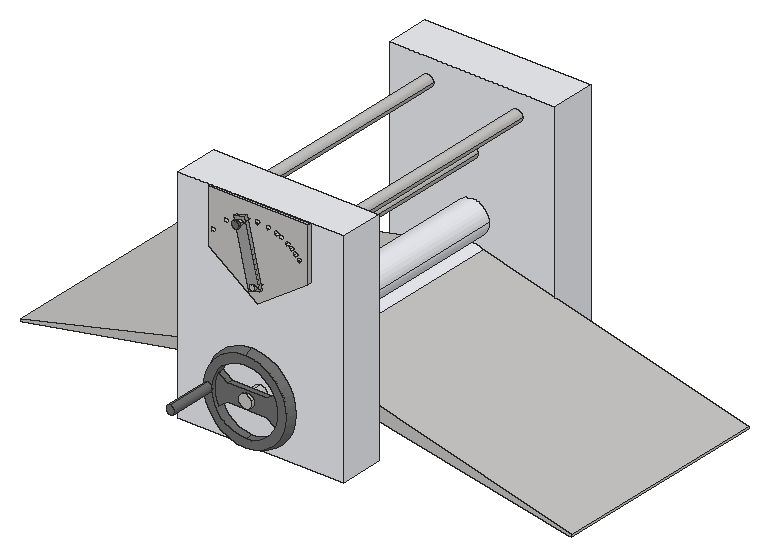
Revit family "QF_DITOSAMA_601549_DLMP400", category Specialty Equipment, Revit 2018
Family settings
  Round Connector Dimension = Use Diameter
  Part Type = Normal
  Work Plane-Based = No
  Always vertical = Yes
  Cut with Voids When Loaded = No
  Shared = No
  Room Calculation Point = No
Parameters (values of type "QF_DITO SAMA_601549_DLMP400")
  Weight = 35.00 kg
  Watts = 0 W
  Volts = 0 V
  URL Manufacturer = "http://www.ditosama.com"
  URL = "http://www.ditosama.com"
  Steam Supply Size = 0 mm
  Steam Supply Minimum Pressure = 0.0 Pa
  Steam Supply Maximum Pressure = 0.0 Pa
  Steam Pounds per Hour = 0
  Refrigeration Suction Line Size = 0 mm
  Refrigeration Liquid Line Size = 0 mm
  Refrigerant Compressor Remote = yes
  Manufacturer = "Dito Sama"
  Phase = 0
  Model = "DLMP400"
  Length Actual = 1000 mm  # constant formula
  Item Number = "601549"
  Hot Water Size = 0 mm
  Height Actual = 400 mm  # constant formula
  HP = "0 HP"
  Gas Size = 0 mm
  Gas KW = 0
  Gas Input Pressure = 0 W
  Direct Waste Size = 0 mm
  Description = "HAND DOUGH SHEETER-REMOV.S/S FLAPS-400MM"
  Depth Actual = 680 mm  # constant formula
  Cycle = 0 Hz
  Condensate Return Size = 0 mm
  Compressed Air Volume = 0.0 L/s
  Compressed Air Size = 0 mm
  Compressed Air Pressure = 0.0 Pa
  Cold Water Size = 0 mm
  Accessory = yes
Types (2, lengths in mm): name | URL | Manufacturer | Model | Description
  (no name) | 0 | 0 | 0 | 0
  QF_DITO SAMA_601549_DLMP400 | "http://www.ditosama.com" | "Dito Sama" | "DLMP400" | "HAND DOUGH SHEETER-REMOV.S/S FLAPS-400MM"
Values of the unnamed type that differ from the named types
  URL Manufacturer = ""
  Item Number = ""
  HP = ""
Reference planes
  plane 1 "Center (Front/Back)": y = 0
  plane 2: z = 0
  plane 3 "Center (Left/Right)": x = 0
  plane 4 "TOP": z = 400
  plane 5 "BACK": y = 280
  plane 6 "LEFT": x = -150
  plane 7 "RIGHT": x = 150
  plane 8 "FRONT": y = -400
Forms (mm)
  Extrusion 1, solid, material "QF_Finishes_White"
    sketch origin (0, 0, 0) x (1, 0, 0) y (0, 1, 0)
      loop
        line (150, 280) -> (-150, 280) -> (-150, 200) -> (150, 200) -> (150, 280)
      loop
        line (150, -280) -> (150, -200) -> (-150, -200) -> (-150, -280) -> (150, -280)
    from 0 to 400
  Extrusion 2, solid, material "QF_Finishes_Gray"
    sketch origin (-150, 12.55, 0) x (0, 1, 0) y (0, 0, 1)
      loop
        line (263.327, 58.711) -> (233.327, 58.711) -> (233.327, 8.711) -> (263.327, 8.711) -> (263.327, 58.711)
    from 0 to -1.6
  Extrusion 3, solid, material "QF_Finishes_Rubber Black"
    sketch origin (-150, 12.55, 0) x (0, 1, 0) y (0, 0, 1)
      loop
        circle (248.454, 34.755) r 8.44
    from 0 to -3.809
  Extrusion 4, solid, material "QF_Finishes_Rubber Black"
    sketch origin (-150, 12.55, 0) x (0, 1, 0) y (0, 0, 1)
      loop
        line (252.454, 46.314) -> (244.454, 46.314) -> (244.454, 16.314) -> (252.454, 16.314) -> (252.454, 46.314)
    from 0 to -8.342
  Extrusion 5, solid, material "QF_Finishes_Stainless Steel"
    sketch origin (-150, 32.851, 0) x (0, 1, 0) y (0, 0, 1)
      loop
        circle (184.907, 25.948) r 13.612
      loop
        circle (184.907, 25.948) r 10
    from 0 to -1.6
  Extrusion 6, solid, material "QF_Finishes_Stainless Steel"
    sketch origin (-150, 32.851, 0) x (0, 1, 0) y (0, 0, 1)
      loop
        circle (184.907, 25.948) r 10
    from -3.809 to 0
  Extrusion 7, solid, material "QF_Finishes_Stainless Steel"
    sketch origin (0, -400, 0) x (0, 0, -1) y (-1, 0, 0)
      loop
        line (-240, 0) -> (-303.093, 90.107) -> (-400, 90.107) -> (-400, -90.107) -> (-303.093, -90.107) -> (-240, 0)
      loop
        circle (-333.078, 80.372) r 4
      loop
        circle (-356.191, 57.259) r 4
      loop
        circle (-365.961, 37.229) r 4
      loop
        circle (-370.5, 22.708) r 4
      loop
        circle (-373.093, 0) r 4
      loop
        circle (-371.13, -19.792) r 4
      loop
        circle (-366.871, -34.852) r 4
      loop
        circle (-363.386, -43.143) r 4
      loop
        circle (-356.785, -54.948) r 4
      loop
        circle (-351.792, -62.079) r 4
      loop
        circle (-344.721, -69.15) r 4
      loop
        circle (-337.65, -76.221) r 4
      loop
        circle (-272.37, 0) r 5
    from 114 to 120
  Extrusion 8, solid, material "QF_Finishes_Stainless Steel"
    sketch origin (0, 0, 0) x (1, 0, 0) y (0, 0, 1)
      loop
        line (-500, 2.144) -> (-500, 0) -> (-495.019, 0) -> (-32.696, 88.038)
        arc (-32.696, 88.038) -> (-31.789, 106.71) -> (-21.047, 122.009) r 33.606
        line (-21.047, 122.009) -> (-500, 2.144)
      loop
        line (500, 2.144) -> (21.047, 122.009)
        arc (21.047, 122.009) -> (31.789, 106.71) -> (32.696, 88.038) r 33.606
        line (32.696, 88.038) -> (495.019, 0) -> (500, 0) -> (500, 2.144)
    from -200 to 200
  Extrusion 9, solid, material "QF_Finishes_Stainless Steel"
    sketch origin (0, -280, 0) x (-1, 0, 0) y (0, 0, 1)
      loop
        circle (0, 273.767) r 10
      loop
        circle (80.854, 361.107) r 10
      loop
        circle (-80.854, 361.107) r 10
    from 80 to 480
  Extrusion 10, solid, material "QF_Finishes_Gray"
    sketch origin (0, -400, 0) x (0, 0, -1) y (-1, 0, 0)
      loop
        line (-267.899, -11.299) -> (-263.39, 8.186) -> (-377.284, 34.542) -> (-381.793, 15.057) -> (-267.899, -11.299)
      loop
        circle (-370.5, 22.708) r 4
      loop
        circle (-272.37, 0) r 5
    from 103 to 108
  Extrusion 11, solid, material "QF_Finishes_Stainless Steel"
    sketch origin (0, -400, 0) x (0, 0, -1) y (-1, 0, 0)
      loop
        circle (-272.37, 0) r 5
    from 120 to 100.7
  Extrusion 12, solid, material "QF_Finishes_Rubber Black"
    sketch origin (0, -400, 0) x (0, 0, -1) y (-1, 0, 0)
      loop
        circle (-370.5, 22.708) r 6.807
    from 91.374 to 93.608
  Blend 13, solid, material "QF_Finishes_Rubber Black"
    base sketch origin (0, -400, 0) x (0, 0, -1) y (-1, 0, 0)
      loop
        circle (-94.156, 0) r 80
    top sketch origin (0, -400, 0) x (0, 0, -1) y (-1, 0, 0)
      loop
        circle (-94.156, 0) r 75
    from 100 to 85
  Extrusion 14, void
    sketch origin (0, -400, 0) x (0, 0, -1) y (-1, 0, 0)
      loop
        circle (-94.156, 0) r 60
    from 85 to 100
  Extrusion 15, solid, material "QF_Finishes_Rubber Black"
    sketch origin (0, -400, 0) x (0, 0, -1) y (-1, 0, 0)
      loop
        circle (-94.156, 0) r 11.917
      loop
        line (-110.181, 35.63) -> (-110.181, -35.63) -> (-130.981, -65.337)
        arc (-130.981, -65.337) -> (-94.455, -74.999) -> (-57.852, -65.628) r 75
        line (-57.852, -65.628) -> (-78.857, -35.63) -> (-78.857, 35.63) -> (-57.852, 65.628)
        arc (-57.852, 65.628) -> (-94.455, 74.999) -> (-130.981, 65.337) r 75
        line (-130.981, 65.337) -> (-110.181, 35.63)
    from 90 to 100
  Extrusion 16, solid, material "QF_Finishes_Rubber Black"
    sketch origin (0, -400, 0) x (0, 0, -1) y (-1, 0, 0)
      loop
        circle (-94.156, 67.5) r 7.753
    from 0 to 85
  Extrusion 17, solid, material "QF_Finishes_Stainless Steel"
    sketch origin (0, -400, 0) x (0, 0, -1) y (-1, 0, 0)
      loop
        circle (-94.156, 0) r 11.917
    from 85 to 120
  Extrusion 18, solid, material "QF_Finishes_White"
    sketch origin (0, -280, 0) x (-1, 0, 0) y (0, 0, 1)
      loop
        circle (0, 168.203) r 30
      loop
        circle (0, 97.276) r 30
    from 80 to 480
  Extrusion 19, solid, material "QF_Finishes_Stainless Steel"
    sketch origin (0, -280, 0) x (-1, 0, 0) y (0, 0, 1)
      loop
        circle (22.708, 370.5) r 4
    from 0 to -26.392
Cuts and joins
  Extrusion 14 cuts Extrusion 1
  Extrusion 14 cuts Extrusion 8
  Extrusion 14 cuts Extrusion 9
  Extrusion 14 cuts Blend 13
Lines and regions (mm)
  symbolic lines
    curve 1: line (-150, -200, 0) -> (150, -200, 0)
    curve 2: line (-150, -280, 0) -> (-150, -200, 0)
    curve 3: line (150, -280, 0) -> (-150, -280, 0)
    curve 4: line (150, -200, 0) -> (150, -280, 0)
    curve 5: line (-75.253, -315, 0) -> (75, -315, 0)
    curve 6: line (-75.253, -400, 0) -> (-75.253, -315, 0)
    curve 7: line (-59.747, -400, 0) -> (-75.253, -400, 0)
    curve 8: line (-59.747, -315, 0) -> (-59.747, -400, 0)
    curve 9: line (-29.515, -308.626, 0) -> (-15.9, -308.626, 0)
    curve 10: line (-29.515, -306.392, 0) -> (-29.515, -308.626, 0)
    curve 11: line (-15.9, -306.392, 0) -> (-29.515, -306.392, 0)
    curve 12: line (-15.9, -308.626, 0) -> (-15.9, -306.392, 0)
    curve 13: line (-34.542, -297, 0) -> (11.299, -297, 0)
    curve 14: line (-34.542, -292, 0) -> (-34.542, -297, 0)
    curve 15: line (11.299, -292, 0) -> (-34.542, -292, 0)
    curve 16: line (11.299, -297, 0) -> (11.299, -292, 0)
    curve 17: line (-150, 280, 0) -> (150, 280, 0)
    curve 18: line (-150, 200, 0) -> (-150, 280, 0)
    curve 19: line (150, 200, 0) -> (-150, 200, 0)
    curve 20: line (150, 280, 0) -> (150, 200, 0)
    curve 21: line (-158.342, 265.003, 0) -> (-151.6, 265.003, 0)
    curve 22: line (-158.342, 257.003, 0) -> (-158.342, 265.003, 0)
    curve 23: line (-151.6, 257.003, 0) -> (-158.342, 257.003, 0)
    curve 24: line (-151.6, 275.877, 0) -> (-151.6, 245.877, 0)
    curve 25: line (-153.809, 207.758, 0) -> (-153.809, 227.758, 0)
    curve 26: line (-153.809, 227.758, 0) -> (-151.6, 227.758, 0)
    curve 27: line (-153.809, 207.758, 0) -> (-151.6, 207.758, 0)
    curve 28: line (-151.6, 204.146, 0) -> (-151.6, 231.37, 0)
    curve 29: line (-151.6, 231.37, 0) -> (-150, 231.37, 0)
    curve 30: line (-151.6, 204.146, 0) -> (-150, 204.146, 0)
    curve 31: line (-151.6, 275.877, 0) -> (-150, 275.877, 0)
    curve 32: line (-151.6, 245.877, 0) -> (-150, 245.877, 0)
    curve 33: line (-153.809, 269.444, 0) -> (-151.6, 269.444, 0)
    curve 34: line (-153.809, 252.563, 0) -> (-151.6, 252.563, 0)
    curve 35: line (-90.107, -280, 0) -> (-90.107, -286, 0)
    curve 36: line (-90.107, -286, 0) -> (90.107, -286, 0)
    curve 37: line (90.107, -286, 0) -> (90.107, -280, 0)
    curve 38: line (75, -315, 0) -> (80, -300, 0)
    curve 39: line (80, -300, 0) -> (-18.715, -300, 0)
    curve 40: line (-26.83, -300, 0) -> (-80, -300, 0)
    curve 41: line (-80, -300, 0) -> (-75.253, -315, 0)
    curve 42: line (-26.83, -306.392, 0) -> (-26.83, -297, 0)
    curve 43: line (-18.715, -306.392, 0) -> (-18.715, -297, 0)
    curve 44: line (-11.885, -300, 0) -> (-11.885, -297, 0)
    curve 45: line (-5, -299.3, 0) -> (-5, -297, 0)
    curve 46: line (5, -299.3, 0) -> (5, -297, 0)
    curve 47: line (5, -299.3, 0) -> (-5, -299.3, 0)
    curve 48: line (-26.83, -292, 0) -> (-26.83, -286, 0)
    curve 49: line (-18.715, -292, 0) -> (-18.715, -286, 0)
    curve 50: line (-5, -292, 0) -> (-5, -286, 0)
    curve 51: line (5, -292, 0) -> (5, -286, 0)
    curve 52: line (-11.887, -286, 0) -> (-11.887, -292, 0)
    curve 53: line (-15.057, -292, 0) -> (-15.057, -297, 0)
    curve 54: line (-90.852, -200, 0) -> (-90.852, 200, 0)
    curve 55: line (-70.852, -200, 0) -> (-70.852, 200, 0)
    curve 56: line (-30.045, -200, 0) -> (-30.045, 200, 0)
    curve 57: line (-10.045, -200, 0) -> (-10.045, 200, 0)
    curve 58: line (9.955, -200, 0) -> (9.955, 200, 0)
    curve 59: line (29.955, -200, 0) -> (29.955, 200, 0)
    curve 60: line (70.802, -200, 0) -> (70.802, 200, 0)
    curve 61: line (90.554, -200, 0) -> (90.554, 200, 0)
Dimensions and locks
  plane 4 "TOP" to level = 400 mm  (x2)
  equal spacing: plane 6 "LEFT", plane 3 "Center (Left/Right)", plane 7 "RIGHT"
  plane 6 "LEFT" to plane 7 "RIGHT" = 300 mm
  Extrusion 8 to Extrusion 8 = 1000 mm  (x2)
  plane 1 "Center (Front/Back)" to plane 5 "BACK" = 280 mm
  locked: cut or joined group of Extrusion 1, Extrusion 14 to cut or joined group of Extrusion 1, Extrusion 14 at 400
  locked: cut or joined group of Extrusion 1, Extrusion 14 to cut or joined group of Extrusion 1, Extrusion 14 at 80
  plane 5 "BACK" to plane 8 "FRONT" = 680 mm  (x2)
  cut or joined group of Extrusion 1, Extrusion 14 to plane 8 "FRONT" = 120 mm
  cut or joined group of Extrusion 1, Extrusion 14 to cut or joined group of Extrusion 1, Extrusion 14 = 400 mm
  plane 5 "BACK" to plane 1 "Center (Front/Back)" to cut or joined group of Extrusion 1, Extrusion 14 = 280 mm, 280 mm
  plane 8 "FRONT" to cut or joined group of Extrusion 1, Extrusion 14 = 120 mm
  aligned and locked: level to plane 2
Automatic sketch dimensions
  Extrusion 8 sketch curve to Extrusion 8 sketch curve = 0 mm  (x3)
  Extrusion 8 sketch curve to level = 0 mm  (x2)
  Extrusion 8 sketch curve to plane 3 "Center (Left/Right)" = 0 mm
  Extrusion 8 sketch curve to plane 3 "Center (Left/Right)" = 21.047 mm
  Extrusion 8 sketch curve to plane 3 "Center (Left/Right)" = 32.696 mm
  Extrusion 8 sketch curve to plane 6 "LEFT" = 345.019 mm
  level to Extrusion 8 sketch curve = 2.144 mm
  Extrusion 8 sketch curve to Extrusion 8 sketch curve = 4.981 mm  (x2)
  plane 3 "Center (Left/Right)" to Extrusion 8 sketch curve = 21.047 mm
  plane 3 "Center (Left/Right)" to Extrusion 8 sketch curve = 32.696 mm
  Extrusion 8 sketch curve to plane 7 "RIGHT" = 345.019 mm
  Extrusion 8 sketch curve to Extrusion 8 sketch curve = 2.144 mm
  level to Extrusion 8 sketch curve = 88.038 mm
  Extrusion 8 sketch curve to Extrusion 8 sketch curve = 7.771 mm
  Extrusion 9 sketch curve to plane 3 "Center (Left/Right)" = 0 mm
  plane 7 "RIGHT" to Extrusion 9 sketch curve = 69.146 mm
  plane 6 "LEFT" to Extrusion 9 sketch curve = 69.146 mm
  Extrusion 9 sketch curve to plane 4 "TOP" = 38.893 mm  (x2)
  Extrusion 18 sketch curve to plane 3 "Center (Left/Right)" = 0 mm  (x2)
  level to Extrusion 18 sketch curve = 97.276 mm
  Extrusion 18 sketch curve to Extrusion 18 sketch curve = 70.926 mm
  Extrusion 9 sketch curve to Extrusion 9 sketch curve = 87.341 mm
  Extrusion 7 sketch curve to plane 4 "TOP" = 0 mm
  Extrusion 7 sketch curve to plane 3 "Center (Left/Right)" = 0 mm  (x3)
  Extrusion 7 sketch curve to plane 4 "TOP" = 26.907 mm
  Extrusion 7 sketch curve to Extrusion 7 sketch curve = 1.964 mm
  Extrusion 7 sketch curve to Extrusion 7 sketch curve = 2.593 mm
  Extrusion 7 sketch curve to Extrusion 7 sketch curve = 4.258 mm
  Extrusion 7 sketch curve to Extrusion 7 sketch curve = 4.54 mm
  Extrusion 7 sketch curve to Extrusion 7 sketch curve = 3.486 mm
  Extrusion 7 sketch curve to Extrusion 7 sketch curve = 6.601 mm
  Extrusion 7 sketch curve to Extrusion 7 sketch curve = 9.769 mm
  Extrusion 7 sketch curve to Extrusion 7 sketch curve = 4.993 mm
  Extrusion 7 sketch curve to Extrusion 7 sketch curve = 7.071 mm  (x4)
  Extrusion 7 sketch curve to Extrusion 7 sketch curve = 23.113 mm  (x2)
  Extrusion 7 sketch curve to Extrusion 7 sketch curve = 34.557 mm
  Extrusion 7 sketch curve to Extrusion 7 sketch curve = 29.985 mm
  Extrusion 7 sketch curve to Extrusion 7 sketch curve = 30.723 mm
  Extrusion 7 sketch curve to Extrusion 7 sketch curve = 32.37 mm
  plane 3 "Center (Left/Right)" to Extrusion 7 sketch curve = 19.792 mm
  Extrusion 7 sketch curve to Extrusion 7 sketch curve = 15.06 mm
  Extrusion 7 sketch curve to Extrusion 7 sketch curve = 8.291 mm
  Extrusion 7 sketch curve to Extrusion 7 sketch curve = 11.805 mm
  Extrusion 7 sketch curve to Extrusion 7 sketch curve = 7.13 mm
  Extrusion 7 sketch curve to Extrusion 7 sketch curve = 13.886 mm
  Extrusion 7 sketch curve to plane 3 "Center (Left/Right)" = 22.708 mm
  Extrusion 7 sketch curve to Extrusion 7 sketch curve = 14.521 mm
  Extrusion 7 sketch curve to Extrusion 7 sketch curve = 20.03 mm
  Extrusion 7 sketch curve to Extrusion 7 sketch curve = 9.734 mm
  Extrusion 10 sketch curve to plane 3 "Center (Left/Right)" = 0 mm
  Extrusion 10 sketch curve to plane 4 "TOP" = 18.207 mm
  Extrusion 10 sketch curve to Extrusion 10 sketch curve = 4.509 mm
  Extrusion 10 sketch curve to Extrusion 10 sketch curve = 6.783 mm
  Extrusion 10 sketch curve to Extrusion 10 sketch curve = 98.13 mm
  plane 3 "Center (Left/Right)" to Extrusion 10 sketch curve = 11.299 mm
  Extrusion 10 sketch curve to Extrusion 10 sketch curve = 4.472 mm
  Extrusion 10 sketch curve to plane 3 "Center (Left/Right)" = 8.186 mm
  Extrusion 10 sketch curve to Extrusion 10 sketch curve = 11.834 mm
  Extrusion 11 sketch curve to plane 3 "Center (Left/Right)" = 0 mm
  Extrusion 11 sketch curve to plane 4 "TOP" = 127.63 mm
  Extrusion 12 sketch curve to plane 4 "TOP" = 29.5 mm
  Extrusion 12 sketch curve to plane 3 "Center (Left/Right)" = 22.708 mm
  Blend 13 sketch curve to plane 3 "Center (Left/Right)" = 0 mm  (x2)
  level to Blend 13 sketch curve = 94.156 mm  (x2)
  Extrusion 14 sketch curve to plane 3 "Center (Left/Right)" = 0 mm
  level to Extrusion 14 sketch curve = 94.156 mm
  Extrusion 15 sketch curve to Extrusion 15 sketch curve = 0 mm  (x9)
  Extrusion 15 sketch curve to plane 3 "Center (Left/Right)" = 0 mm
  level to Extrusion 15 sketch curve = 130.981 mm
  Extrusion 15 sketch curve to Extrusion 15 sketch curve = 20.801 mm
  Extrusion 15 sketch curve to Extrusion 15 sketch curve = 16.024 mm
  Extrusion 15 sketch curve to plane 3 "Center (Left/Right)" = 35.63 mm
  Extrusion 15 sketch curve to Extrusion 15 sketch curve = 31.324 mm
  Extrusion 15 sketch curve to Extrusion 15 sketch curve = 21.005 mm  (x2)
  plane 3 "Center (Left/Right)" to Extrusion 15 sketch curve = 35.63 mm
  Extrusion 15 sketch curve to Extrusion 15 sketch curve = 29.707 mm  (x2)
  level to Extrusion 16 sketch curve = 94.156 mm
  Extrusion 16 sketch curve to plane 3 "Center (Left/Right)" = 67.5 mm
  Extrusion 17 sketch curve to plane 3 "Center (Left/Right)" = 0 mm
  level to Extrusion 17 sketch curve = 94.156 mm
  Extrusion 19 sketch curve to plane 3 "Center (Left/Right)" = 22.708 mm
  Extrusion 19 sketch curve to plane 4 "TOP" = 29.5 mm
  curve 30 to plane 6 "LEFT" = 0 mm
  curve 3 to plane 6 "LEFT" = 0 mm
  curve 6 to plane 8 "FRONT" = 0 mm
  curve 3 to plane 7 "RIGHT" = 0 mm
  curve 20 to plane 7 "RIGHT" = 0 mm
  curve 17 to plane 5 "BACK" = 0 mm
  curve 24 to plane 6 "LEFT" = 1.6 mm
  curve 28 to plane 6 "LEFT" = 1.6 mm
  curve 26 to curve 26 = 2.209 mm
  curve 23 to curve 23 = 6.742 mm
  plane 6 "LEFT" to curve 36 = 59.893 mm
  curve 35 to curve 40 = 10.107 mm
  plane 6 "LEFT" to curve 6 = 74.747 mm
  curve 6 to curve 8 = 15.506 mm
  curve 8 to curve 14 = 25.205 mm
  curve 13 to curve 9 = 5.027 mm
  curve 10 to curve 11 = 13.615 mm
  curve 47 to plane 3 "Center (Left/Right)" = 5 mm
  plane 3 "Center (Left/Right)" to curve 47 = 5 mm
  curve 46 to curve 16 = 6.299 mm
  curve 13 to curve 5 = 63.701 mm
  curve 5 to curve 38 = 5 mm
  curve 38 to curve 37 = 10.107 mm
  plane 8 "FRONT" to curve 38 = 85 mm
  curve 8 to curve 9 = 6.374 mm
  curve 9 to curve 12 = 2.234 mm
  curve 5 to curve 40 = 15 mm
  curve 5 to curve 39 = 15 mm
  curve 44 to curve 45 = 0.7 mm
  curve 46 to curve 16 = 2.3 mm
  curve 13 to curve 15 = 5 mm
  curve 40 to curve 35 = 14 mm
  curve 35 to curve 2 = 6 mm
  curve 3 to curve 4 = 80 mm
  curve 20 to plane 5 "BACK" = 80 mm
  curve 18 to curve 28 = 4.146 mm
  curve 28 to curve 25 = 3.612 mm
  curve 25 to curve 25 = 20 mm
  curve 26 to curve 29 = 3.612 mm
  curve 28 to curve 24 = 14.507 mm
  curve 24 to curve 22 = 11.126 mm
  curve 22 to curve 22 = 8 mm
  curve 31 to plane 5 "BACK" = 4.123 mm
  curve 34 to curve 34 = 2.209 mm
  curve 33 to curve 33 = 2.209 mm
  plane 6 "LEFT" to curve 54 = 59.148 mm
  curve 54 to curve 55 = 20 mm
  curve 56 to plane 3 "Center (Left/Right)" = 30.045 mm
  curve 10 to curve 42 = 2.686 mm
  curve 14 to curve 48 = 7.712 mm
  curve 43 to curve 11 = 2.814 mm
  curve 48 to curve 49 = 8.115 mm
  curve 43 to curve 53 = 3.658 mm
  curve 53 to curve 52 = 3.17 mm
  curve 53 to curve 44 = 3.172 mm
  curve 57 to plane 3 "Center (Left/Right)" = 10.045 mm
  curve 50 to plane 3 "Center (Left/Right)" = 5 mm
  plane 3 "Center (Left/Right)" to curve 51 = 5 mm
  plane 3 "Center (Left/Right)" to curve 58 = 9.955 mm
  curve 58 to curve 59 = 20 mm
  curve 59 to curve 60 = 40.848 mm
  curve 60 to curve 61 = 19.751 mm
  curve 34 to curve 23 = 4.44 mm
  curve 21 to curve 33 = 4.44 mm
  Extrusion 1 sketch curve to plane 6 "LEFT" = 0 mm  (x2)
  Extrusion 1 sketch curve to plane 7 "RIGHT" = 0 mm  (x2)
  Extrusion 1 sketch curve to plane 5 "BACK" = 0 mm
  Extrusion 1 sketch curve to plane 5 "BACK" = 80 mm
  plane 1 "Center (Front/Back)" to Extrusion 1 sketch curve = 200 mm
  Extrusion 1 sketch curve to Extrusion 1 sketch curve = 80 mm
  Extrusion 2 sketch curve to plane 5 "BACK" = 34.123 mm
  Extrusion 2 sketch curve to plane 5 "BACK" = 4.123 mm
  level to Extrusion 2 sketch curve = 8.711 mm
  Extrusion 2 sketch curve to Extrusion 2 sketch curve = 50 mm
  Extrusion 3 sketch curve to plane 5 "BACK" = 18.997 mm
  level to Extrusion 3 sketch curve = 34.755 mm
  Extrusion 4 sketch curve to plane 5 "BACK" = 22.997 mm
  Extrusion 4 sketch curve to Extrusion 4 sketch curve = 8 mm
  level to Extrusion 4 sketch curve = 16.314 mm
  Extrusion 4 sketch curve to Extrusion 4 sketch curve = 30 mm
  Extrusion 5 sketch curve to Extrusion 5 sketch curve = 0 mm  (x2)
  level to Extrusion 5 sketch curve = 25.948 mm
  Extrusion 5 sketch curve to plane 5 "BACK" = 62.242 mm
  level to Extrusion 6 sketch curve = 25.948 mm
  Extrusion 6 sketch curve to plane 5 "BACK" = 62.242 mm
  radius of Extrusion 9 sketch curve = 10 mm  (x3)
  radius of Extrusion 18 sketch curve = 30 mm  (x2)
  radius of Extrusion 7 sketch curve = 4 mm  (x12)
  radius of Extrusion 7 sketch curve = 5 mm
  radius of Extrusion 10 sketch curve = 4 mm
  radius of Extrusion 10 sketch curve = 5 mm
  radius of Extrusion 11 sketch curve = 5 mm
  radius of Extrusion 12 sketch curve = 6.807 mm
  radius of Blend 13 sketch curve = 80 mm
  radius of Blend 13 sketch curve = 75 mm
  radius of Extrusion 14 sketch curve = 60 mm
  radius of Extrusion 15 sketch curve = 11.917 mm
  radius of Extrusion 16 sketch curve = 7.753 mm
  radius of Extrusion 17 sketch curve = 11.917 mm
  radius of Extrusion 19 sketch curve = 4 mm
  radius of Extrusion 3 sketch curve = 8.44 mm
  radius of Extrusion 5 sketch curve = 13.612 mm
  radius of Extrusion 5 sketch curve = 10 mm
  radius of Extrusion 6 sketch curve = 10 mm
Connectors
  electrical at (-153.809, 217.758, 25.948)
    settings: on Extrusion 6, index 1, voltage 0 V, apparent load 0 VA, apparent load phase1 0 VA, apparent load phase2 0 VA, apparent load phase3 0 VA, power factor 1, load classification "Other", number of poles 1, system type 31, power factor state 1, is connector primary yes, connector utility no, sub classification motor no, connector description ""
